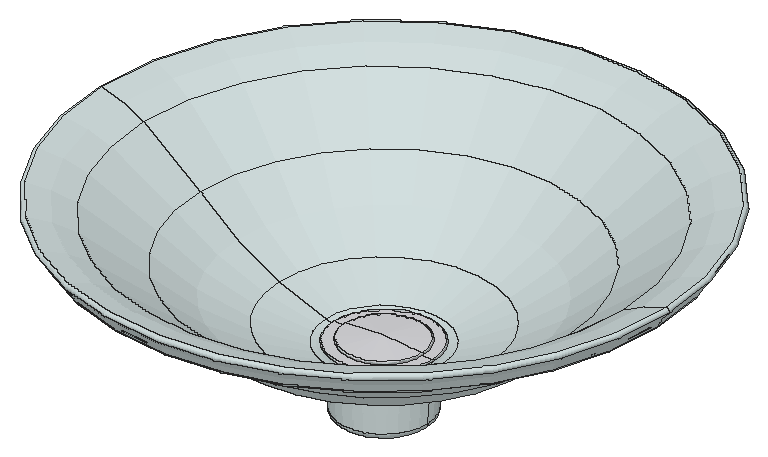
Revit family "Sink-Vessel-Lavatory-KOHLER-Derring_on_Carillon-K-17890_1", category Plumbing Fixtures, host Face, Revit 2015 (continued)
Definition of nested family "K-17890"
  Lines and regions (in)
    symbolic lines, detail levels medium+fine
      curve 3243: arc (-7.08876, -0.90453, 0) -> (-7.07253, -1.02376, 0) -> (-7.05429, -1.14269, 0) r 7.14624
      curve 3244: arc (-7.13523, -0.39652, 0) -> (-7.12754, -0.5166, 0) -> (-7.11784, -0.63653, 0) r 7.14624
      curve 3245: arc (-7.14622, -0.01693, 0) -> (-7.14588, -0.07203, 0) -> (-7.14511, -0.12712, 0) r 7.14624
      curve 3246: arc (-0.29362, -6.06046, 0) -> (-0.21701, -6.06369, 0) -> (-0.14036, -6.06595, 0) r 6.06757
      curve 3247: arc (-0.72522, -6.02408, 0) -> (-0.64904, -6.03276, 0) -> (-0.57274, -6.04048, 0) r 6.06757
      curve 3248: arc (-1.15313, -5.95699, 0) -> (-1.07775, -5.97109, 0) -> (-1.00221, -5.98423, 0) r 6.06757
      curve 3249: arc (-1.57516, -5.85955, 0) -> (-1.50098, -5.87899, 0) -> (-1.42656, -5.89749, 0) r 6.06757
      curve 3250: arc (-1.98916, -5.73225, 0) -> (-1.91656, -5.75693, 0) -> (-1.84365, -5.78069, 0) r 6.06757
      curve 3251: arc (-2.39303, -5.57574, 0) -> (-2.32237, -5.60554, 0) -> (-2.25134, -5.63444, 0) r 6.06757
      curve 3252: arc (-2.7847, -5.39082, 0) -> (-2.71635, -5.42558, 0) -> (-2.64756, -5.45947, 0) r 6.06757
      curve 3253: arc (-3.16218, -5.17842, 0) -> (-3.09648, -5.21797, 0) -> (-3.03029, -5.25669, 0) r 6.06757
      curve 3254: arc (-3.52355, -4.93964, 0) -> (-3.46084, -4.98378, 0) -> (-3.39758, -5.02712, 0) r 6.06757
      curve 3255: arc (-3.86696, -4.67569, 0) -> (-3.80756, -4.72418, 0) -> (-3.74755, -4.77193, 0) r 6.06757
      curve 3256: arc (-4.19067, -4.38791, 0) -> (-4.13488, -4.44052, 0) -> (-4.07843, -4.49242, 0) r 6.06757
      curve 3257: arc (-4.49302, -4.07777, 0) -> (-4.44113, -4.13423, 0) -> (-4.38852, -4.19002, 0) r 6.06757
      curve 3258: arc (-4.77248, -3.74685, 0) -> (-4.72474, -3.80687, 0) -> (-4.67626, -3.86627, 0) r 6.06757
      curve 3259: arc (-5.02761, -3.39684, 0) -> (-4.98428, -3.46011, 0) -> (-4.94016, -3.52282, 0) r 6.06757
      curve 3260: arc (-5.25713, -3.02952, 0) -> (-5.21843, -3.09572, 0) -> (-5.17889, -3.16142, 0) r 6.06757
      curve 3261: arc (-5.45986, -2.64676, 0) -> (-5.42598, -2.71555, 0) -> (-5.39122, -2.78391, 0) r 6.06757
      curve 3262: arc (-5.63477, -2.25052, 0) -> (-5.60588, -2.32155, 0) -> (-5.57609, -2.39221, 0) r 6.06757
      curve 3263: arc (-5.78096, -1.84281, 0) -> (-5.75721, -1.91572, 0) -> (-5.73254, -1.98832, 0) r 6.06757
      curve 3264: arc (-5.8977, -1.4257, 0) -> (-5.87921, -1.50012, 0) -> (-5.85978, -1.5743, 0) r 6.06757
      curve 3265: arc (-5.98438, -1.00133, 0) -> (-5.97125, -1.07688, 0) -> (-5.95716, -1.15226, 0) r 6.06757
      curve 3266: arc (-6.04057, -0.57186, 0) -> (-6.03286, -0.64815, 0) -> (-6.02418, -0.72434, 0) r 6.06757
      curve 3267: arc (-6.06597, -0.13947, 0) -> (-6.06372, -0.21612, 0) -> (-6.06051, -0.29274, 0) r 6.06757
  Dimensions and locks (in)
    aligned and locked: plane 2 to level
Types (4): name | Type | Model | Finish
  (no name) | 1 | "K-17890-RL-K8" | Kohler-Vitreous_China-K8-Translucent_White
  K8-Translucent White | 1 | "K-17890-RL-K8" | Kohler-Vitreous_China-K8-Translucent_White
  RB2-Bourbon Rutile | 2 | "K-17890-RL-RB2" | Kohler-Vitreous_China-RB2-Bourbon_Rutile
  RB3-Bluestone Rutile | 3 | "K-17890-RL-RB3" | Kohler-Vitreous_China-RB3-Bluestone_Rutile
